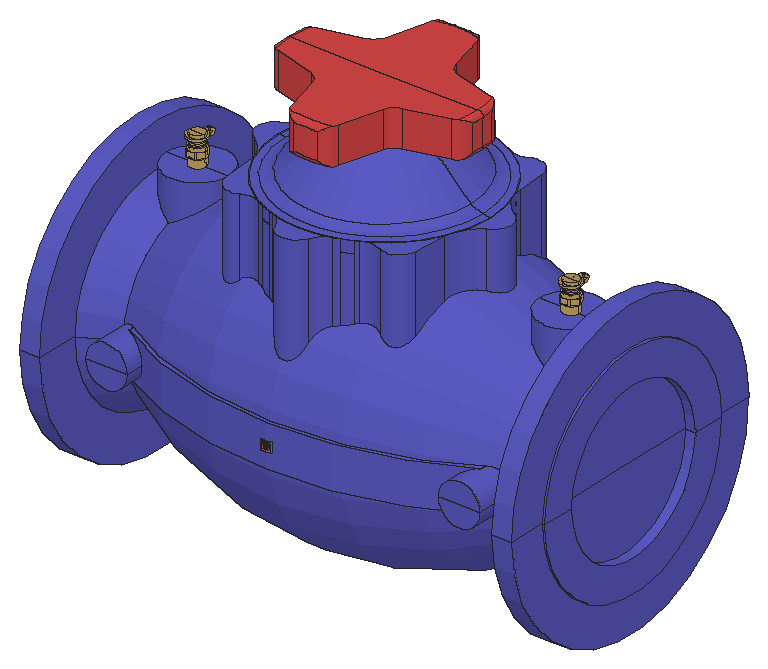
Revit family "HERZ Strömax Балансировочный клапан с измерительными клапанами, шпиндель прямой 4218 GMF", category Rohrzubehör, Revit 2019
Family settings
  Bemaßung runder Anschluss = Durchmesser verwenden
  Teiletyp = Unterbricht
  OmniClass-Nummer = 23.65.55.14
  OmniClass-Titel = Valves for Liquid Services
  Arbeitsebenenbasiert = Nein
  Immer vertikal = Ja
  Beim Laden mit Abzugskörper schneiden = Nein
  Gemeinsam genutzt = Nein
Parameters
  Среда = "Допускается использование этилен- и пропиленгликоля в концентрации смеси 25-50% объема.\r\nКачество теплоносителя в соответствии с ÖNORM H 5195 и VDI 2035."
  Область применения = "Для гидравлической балансировки в системах отопления или охлаждения, регулирования и перекрытия трубопроводов, стояков, теплообменников, регистров отопления и охлаждения."
  Номер заказа [instance] = size_lookup("4218_GMF_", "Artnr", 0, Nennweite)  # 1421851
  Макс. рабочее давление = 1600000.0 Pa  # constant formula
  Макс. рабочая температура (с DN40) = 110 °C  # constant formula
  Макс. рабочая температура (до DN32) = 130 °C  # constant formula
  Корпус = "чугун GJL 250 по EN 1561"  # constant formula
  Исполнение = "STRÖMAX-GMF-Балансировочный клапан с измерительными клапанами DN 25 - 150:\r\nШпиндель прямой, корпус из чугуна GJL 250 по EN 1561, фланцевое исполнение EN 1092, PN 16, синего цвета.\r\nБуксы клапана до DN 100 из латуни, резьбовое соединение, от DN 125 буксы клапана из чугуна, с неподнимающимся шпинделем.\r\nУплотнение шпинделя при помощи двойного кольцевого уплотнения.\r\nПредварительная настройка производится посредством ограничения хода с помощью внутреннего шпинделя, цифровые показания ступени преднастройки считываются в окошке маховика.\r\nДва измерительных клапана монтируются сверху, по обе стороны маховика."
  Измерение перепада давления = "Клапан балансировочный STRÖMAX-GMF укомплектован двумя измерительными клапанами:\r\nпри применении соответствующего измерительного прибора можно измерить перепад давления и по диаграмме определить текущий расход в зависимости от ступени настройки.\r\nНа экране измерительного прибора высвечивается текущее значение расхода (см. руководство по измерительным приборам)."
  kvs-значения [instance] = if(Nennweite = 25.00 mm, 11.53, if(Nennweite = 32.00 mm, 16.6, if(Nennweite = 40.00 mm, 28.6, if(Nennweite = 50.00 mm, 37.84, if(Nennweite = 65.00 mm, 60.3, if(Nennweite = 80.00 mm, 67.8, if(Nennweite = 100.00 mm, 99.55, if(Nennweite = 125.00 mm, 186.58, if(Nennweite = 150.00 mm, 279.05, 0)))))))))  # 279.05
  W02 = 60.00°  # constant formula
  W01 [instance] = if(Nennweite = 25.00 mm, 10.00°, if(Nennweite = 32.00 mm, 10.00°, if(Nennweite = 40.00 mm, 15.00°, if(Nennweite = 50.00 mm, 10.00°, if(Nennweite = 65.00 mm, 25.00°, if(Nennweite = 80.00 mm, 25.00°, 0.80°))))))  # 0.80°
  Букса (до DN100) = "латунь"  # constant formula
  Букса (от DN125) = "чугун"  # constant formula
  URL = "www.herz-armaturen.ru"
  SCRNSEQ = "ARM;ARM_TYP=\"STRV\";2"
  SCRNCODE = "05;07;02"  # constant formula
  S01 [instance] = Nennweite + 10.00 mm  # 160.00 mm
  R02 [instance] = size_lookup("4218_GMF_", "R2", 1.00 mm, Nennweite)  # 30.00 mm
  R01 [instance] = size_lookup("4218_GMF_", "R1", 1.00 mm, Nennweite)  # 20.00 mm
  O-Ring = "EPDM"  # constant formula
  Nennweite [instance] = 150.00 mm
  L03 [instance] = size_lookup("4218_GMF_", "L3", 1.00 mm, Nennweite)  # 180.00 mm
  L02 [instance] = size_lookup("4218_GMF_", "L2", 1.00 mm, Nennweite)  # 170.00 mm
  L01 [instance] = size_lookup("4218_GMF_", "L1", 1.00 mm, Nennweite)  # 185.00 mm
  L00 [instance] = size_lookup("4218_GMF_", "L", 1.00 mm, Nennweite)  # 480.00 mm
  Hersteller = "HERZ Armaturen Ges.m.b.H."  # constant formula
  H08 [instance] = H02 + H04  # 238.50 mm
  H07 = 10.00 mm  # constant formula
  H06 [instance] = size_lookup("4218_GMF_", "H6", 1.00 mm, Nennweite)  # 56.00 mm
  H05 [instance] = size_lookup("4218_GMF_", "H5", 1.00 mm, Nennweite)  # 11.00 mm
  H04 [instance] = size_lookup("4218_GMF_", "H4", 1.00 mm, Nennweite)  # 78.50 mm
  H03 [instance] = size_lookup("4218_GMF_", "H3", 1.00 mm, Nennweite)  # 118.00 mm
  H02N [instance] = H02 + 11.00 mm  # 171.00 mm
  H02 [instance] = size_lookup("4218_GMF_", "H2", 1.00 mm, Nennweite)  # 160.00 mm
  H01 [instance] = size_lookup("4218_GMF_", "H1", 1.00 mm, Nennweite)  # 122.00 mm
  GT = 10.00 mm  # constant formula
  FLL02 [instance] = size_lookup("4218_GMF_", "FLL2", 1.00 mm, Nennweite)  # 19.00 mm
  FLL01 [instance] = size_lookup("4218_GMF_", "FLL1", 1.00 mm, Nennweite)  # 3.00 mm
  FLD03 [instance] = size_lookup("4218_GMF_", "FLD3", 1.00 mm, Nennweite)  # 84.20 mm
  FLD02 [instance] = size_lookup("4218_GMF_", "FLD2", 1.00 mm, Nennweite)  # 101.00 mm
  FLD01 [instance] = size_lookup("4218_GMF_", "FLD1", 1.00 mm, Nennweite)  # 106.00 mm
  FLD00 [instance] = size_lookup("4218_GMF_", "FLD", 1.00 mm, Nennweite)  # 142.50 mm
  DN80 [instance] = Nennweite = 80.00 mm  # no
  DN65 [instance] = Nennweite = 65.00 mm  # no
  DN50-DN80 [instance] = or(Nennweite = 50.00 mm, Nennweite = 65.00 mm, Nennweite = 80.00 mm)  # no
  DN50 [instance] = Nennweite = 50.00 mm  # no
  DN40 [instance] = Nennweite = 40.00 mm  # no
  DN32 [instance] = Nennweite = 32.00 mm  # no
  DN25-DN40 [instance] = or(Nennweite = 25.00 mm, Nennweite = 32.00 mm, Nennweite = 40.00 mm)  # no
  DN25 [instance] = Nennweite = 25.00 mm  # no
  DN150 [instance] = Nennweite = 150.00 mm  # yes
  DN125 [instance] = Nennweite = 125.00 mm  # no
  DN100-DN125 [instance] = or(Nennweite = 100.00 mm, Nennweite = 125.00 mm, Nennweite = 150.00 mm)  # yes
  DN100 [instance] = Nennweite = 100.00 mm  # no
  D04 [instance] = size_lookup("4218_GMF_", "D4", 1.00 mm, Nennweite)  # 15.00 mm
  D03 [instance] = size_lookup("4218_GMF_", "D3", 1.00 mm, Nennweite)  # 16.00 mm
  D02 [instance] = size_lookup("4218_GMF_", "D2", 1.00 mm, Nennweite)  # 17.00 mm
  D01 [instance] = size_lookup("4218_GMF_", "D1", 1.00 mm, Nennweite)  # 102.50 mm
  D00 [instance] = size_lookup("4218_GMF_", "D", 1.00 mm, Nennweite)  # 140.00 mm
  BH02 [instance] = -BH01  # -20.00 mm
  BH01 [instance] = if(Nennweite = 25.00 mm, 12.00 mm, if(Nennweite = 32.00 mm, 12.50 mm, if(Nennweite = 40.00 mm, 12.50 mm, if(Nennweite = 50.00 mm, 12.50 mm, if(Nennweite = 65.00 mm, 15.00 mm, if(Nennweite = 80.00 mm, 16.00 mm, if(Nennweite = 100.00 mm, 17.50 mm, if(Nennweite = 125.00 mm, 17.50 mm, if(Nennweite = 150.00 mm, 20.00 mm, 1.00 mm)))))))))  # 20.00 mm
  Anschluss [instance] = Nennweite / 2  # 75.00 mm
Reference planes
  plane 1 "Mitte (Vorne/hinten)": y = 0
  plane 2: z = 0
  plane 3 "Mitte (Links/rechts)": x = 0
Forms (mm)
  Revolve 1, solid, material "Herz-Marineblau", detail levels fine
    sketch origin (1058.943, 0, 0) x (1, 0, 0) y (0, 1, 0)
      loop
        line (-1295.943, 142.5) -> (-1295.943, 106) -> (-1298.943, 106) -> (-1298.943, 75) -> (-1288.943, 75) -> (-1288.943, 0) -> (-828.943, 0) -> (-828.943, 75) -> (-818.943, 75) -> (-818.943, 106) -> (-821.943, 106) -> (-821.943, 142.5) -> (-840.943, 142.5) -> (-840.943, 101) -> (-873.943, 84.2)
        arc (-873.943, 84.2) -> (-1058.943, 140) -> (-1243.943, 84.2) r 334.576
        line (-1243.943, 84.2) -> (-1276.943, 101) -> (-1276.943, 142.5) -> (-1295.943, 142.5)
      axis (-1298.943, 0) -> (-818.943, 0)
    angle from 0 to 360
  Revolve 2, solid, material "Herz-Marineblau", detail levels fine
    sketch origin (0, 0, 0) x (1, 0, 0) y (0, 1, 0)
      loop
        line (-170, 122) -> (-190, 122) -> (-190, -122) -> (-170, -122) -> (-170, 122)
      axis (-170, 122) -> (-170, -122)
    angle from 0 to 360
  Revolve 3, solid, material "Herz-Marineblau", detail levels fine
    sketch origin (0, 0, 0) x (-1, 0, 0) y (0, 1, 0)
      loop
        line (-170, 122) -> (-190, 122) -> (-190, -122) -> (-170, -122) -> (-170, 122)
      axis (-170, 122) -> (-170, -122)
    angle from 0 to 360
  Revolve 4, solid, material "Herz-Marineblau", detail levels fine
    sketch origin (0, 0, 0) x (1, 0, 0) y (0, 0, 1)
      loop
        line (0, 0) -> (0, 160) -> (-102.5, 160) -> (-102.5, 0) -> (0, 0)
      axis (0, 160) -> (0, 0)
    angle from 0 to 360
  Revolve 5, solid, material "Herz-Marineblau", detail levels fine
    sketch origin (0, 0, 0) x (1, 0, 0) y (0, 0, 1)
      loop
        line (-178.413, 4.322) -> (-148.416, 4.741) -> (-150.003, 118.419) -> (-180, 118) -> (-178.413, 4.322)
      axis (-180, 118) -> (-178.413, 4.322)
    angle from 0 to 360
  Revolve 6, solid, material "Herz-Marineblau", detail levels fine
    sketch origin (0, 0, 0) x (-1, 0, 0) y (0, 0, 1)
      loop
        line (-178.413, 4.322) -> (-148.416, 4.741) -> (-150.003, 118.419) -> (-180, 118) -> (-178.413, 4.322)
      axis (-180, 118) -> (-178.413, 4.322)
    angle from 0 to 360
  Extrusion 7, solid, material "Herz-Marineblau", visible <- "DN25", detail levels fine
    sketch origin (0, 0, 0) x (1, 0, 0) y (0, 1, 0)
      loop
        line (-40, 18.232) -> (-40, -18.232)
        arc (-40, -18.232) -> (0, -31) -> (40, -18.232) r 69.038
        line (40, -18.232) -> (40, 18.232)
        arc (40, 18.232) -> (0, 31) -> (-40, 18.232) r 69.038
    from -20 <- "BH02" to 20 <- "BH01"
  Extrusion 8, solid, material "Herz-Marineblau", visible <- "DN32", detail levels fine
    sketch origin (0, 0, 0) x (1, 0, 0) y (0, 1, 0)
      loop
        line (-50, 21.35) -> (-50, -21.35)
        arc (-50, -21.35) -> (0, -37) -> (50, -21.35) r 87.698
        line (50, -21.35) -> (50, 21.35)
        arc (50, 21.35) -> (0, 37) -> (-50, 21.35) r 87.698
    from -20 <- "BH02" to 20 <- "BH01"
  Extrusion 9, solid, material "Herz-Marineblau", visible <- "DN40", detail levels fine
    sketch origin (0, 0, 0) x (1, 0, 0) y (0, 1, 0)
      loop
        arc (-60, -22.89) -> (0, -39) -> (60, -22.89) r 119.787
        line (60, -22.89) -> (60, 22.89)
        arc (60, 22.89) -> (0, 39) -> (-60, 22.89) r 119.787
        line (-60, 22.89) -> (-60, -22.89)
    from -20 <- "BH02" to 20 <- "BH01"
  Extrusion 10, solid, material "Herz-Marineblau", visible <- "DN50", detail levels fine
    sketch origin (0, 0, 0) x (1, 0, 0) y (0, 1, 0)
      loop
        line (70, -31.244) -> (70, 31.244)
        arc (70, 31.244) -> (0, 44) -> (-70, 31.244) r 198.442
        line (-70, 31.244) -> (-70, -31.244)
        arc (-70, -31.244) -> (0, -44) -> (70, -31.244) r 198.442
    from -20 <- "BH02" to 20 <- "BH01"
  Extrusion 11, solid, material "Herz-Marineblau", visible <- "DN65", detail levels fine
    sketch origin (0, 0, 0) x (1, 0, 0) y (0, 1, 0)
      loop
        line (-89, 42.065) -> (-89, -42.065)
        arc (-89, -42.065) -> (0, -53) -> (89, -42.065) r 367.662
        line (89, -42.065) -> (89, 42.065)
        arc (89, 42.065) -> (0, 53) -> (-89, 42.065) r 367.662
    from -20 <- "BH02" to 20 <- "BH01"
  Extrusion 12, solid, material "Herz-Marineblau", visible <- "DN80", detail levels fine
    sketch origin (0, 0, 0) x (1, 0, 0) y (0, 1, 0)
      loop
        arc (-100, -47.474) -> (0, -56.538) -> (100, -47.474) r 556.156
        line (100, -47.474) -> (100, 47.474)
        arc (100, 47.474) -> (0, 56.538) -> (-100, 47.474) r 556.156
        line (-100, 47.474) -> (-100, -47.474)
    from -20 <- "BH02" to 20 <- "BH01"
  Extrusion 13, solid, material "Herz-Marineblau", visible <- "DN100", detail levels fine
    sketch origin (0, 0, 0) x (1, 0, 0) y (0, 1, 0)
      loop
        line (-118, 61.457) -> (-118, -61.457)
        arc (-118, -61.457) -> (0, -84.506) -> (118, -61.457) r 313.571
        line (118, -61.457) -> (118, 61.457)
        arc (118, 61.457) -> (0, 84.506) -> (-118, 61.457) r 313.571
    from -20 <- "BH02" to 20 <- "BH01"
  Extrusion 14, solid, material "Herz-Marineblau", visible <- "DN125", detail levels fine
    sketch origin (0, 0, 0) x (1, 0, 0) y (0, 1, 0)
      loop
        line (-140, 76.087) -> (-140, -76.087)
        arc (-140, -76.087) -> (0, -121.009) -> (140, -76.087) r 240.621
        line (140, -76.087) -> (140, 76.087)
        arc (140, 76.087) -> (0, 121.009) -> (-140, 76.087) r 240.621
    from -20 <- "BH02" to 20 <- "BH01"
  Extrusion 15, solid, material "Herz-Marineblau", visible <- "DN150", detail levels fine
    sketch origin (0, 0, 0) x (1, 0, 0) y (0, 1, 0)
      loop
        arc (-170, -95.905) -> (0, -141.967) -> (170, -95.905) r 336.739
        line (170, -95.905) -> (170, 95.905)
        arc (170, 95.905) -> (0, 141.967) -> (-170, 95.905) r 336.739
        line (-170, 95.905) -> (-170, -95.905)
    from -20 <- "BH02" to 20 <- "BH01"
  Extrusion 16, solid, material "Herz-Marineblau", visible <- "DN125", detail levels fine
    sketch origin (0, 0, 0) x (1, 0, 0) y (0, 1, 0)
      loop
        arc (15.676, 98.149) -> (0, 109.5) -> (-15.676, 98.149) r 16.5
        arc (-15.676, 98.149) -> (-20.502, 90.282) -> (-28.346, 85.419) r 20
        arc (-28.346, 85.419) -> (-34.369, 83.168) -> (-40.215, 80.492) r 90
        arc (-40.215, 80.492) -> (-49.468, 78.32) -> (-58.678, 80.663) r 20
        arc (-58.678, 80.663) -> (-75.166, 79.318) -> (-82.2, 64.344) r 16.5
        line (-82.2, 64.344) -> (-85.23, 28.819)
        arc (-85.23, 28.819) -> (-90.21, 20.539) -> (-98.49, 15.56) r 20
        arc (-98.49, 15.56) -> (-109.5, 0) -> (-98.49, -15.56) r 16.5
        arc (-98.49, -15.56) -> (-90.21, -20.539) -> (-85.23, -28.819) r 20
        line (-85.23, -28.819) -> (-82.2, -64.344)
        arc (-82.2, -64.344) -> (-75.166, -79.318) -> (-58.678, -80.663) r 16.5
        arc (-58.678, -80.663) -> (-49.468, -78.32) -> (-40.215, -80.492) r 20
        arc (-40.215, -80.492) -> (-34.369, -83.168) -> (-28.346, -85.419) r 90
        arc (-28.346, -85.419) -> (-20.502, -90.282) -> (-15.676, -98.149) r 20
        arc (-15.676, -98.149) -> (0, -109.5) -> (15.676, -98.149) r 16.5
        arc (15.676, -98.149) -> (20.502, -90.282) -> (28.346, -85.419) r 20
        arc (28.346, -85.419) -> (34.369, -83.168) -> (40.215, -80.492) r 90
        arc (40.215, -80.492) -> (49.468, -78.32) -> (58.678, -80.663) r 20
        arc (58.678, -80.663) -> (75.166, -79.318) -> (82.2, -64.344) r 16.5
        line (82.2, -64.344) -> (85.23, -28.819)
        arc (85.23, -28.819) -> (90.21, -20.539) -> (98.49, -15.56) r 20
        arc (98.49, -15.56) -> (109.5, 0) -> (98.49, 15.56) r 16.5
        arc (98.49, 15.56) -> (90.21, 20.539) -> (85.23, 28.819) r 20
        line (85.23, 28.819) -> (82.2, 64.344)
        arc (82.2, 64.344) -> (75.166, 79.318) -> (58.678, 80.663) r 16.5
        arc (58.678, 80.663) -> (49.468, 78.32) -> (40.215, 80.492) r 20
        arc (40.215, 80.492) -> (34.369, 83.168) -> (28.346, 85.419) r 90
        arc (28.346, 85.419) -> (20.502, 90.282) -> (15.676, 98.149) r 20
    from 0 to 171 <- "H02N"
  Extrusion 17, solid, material "Herz-Marineblau", visible <- "DN150", detail levels fine
    sketch origin (0, 0, 0) x (1, 0, 0) y (0, 1, 0)
      loop
        arc (16.1, 110.958) -> (0, 122.5) -> (-16.1, 110.958) r 17
        arc (-16.1, 110.958) -> (-21.16, 102.981) -> (-29.318, 98.218) r 19.995
        arc (-29.318, 98.218) -> (-39.225, 94.698) -> (-48.72, 90.181) r 102.5
        arc (-48.72, 90.181) -> (-57.856, 87.781) -> (-67.075, 89.844) r 19.995
        arc (-67.075, 89.844) -> (-82.996, 89.381) -> (-91.547, 75.943) r 17
        line (-91.547, 75.943) -> (-94.4, 39.936)
        arc (-94.4, 39.936) -> (-101.42, 25.402) -> (-113.679, 14.903) r 39.4
        arc (-113.679, 14.903) -> (-122.5, 0) -> (-113.679, -14.903) r 17
        arc (-113.679, -14.903) -> (-101.42, -25.402) -> (-94.4, -39.936) r 39.4
        line (-94.4, -39.936) -> (-91.547, -75.943)
        arc (-91.547, -75.943) -> (-82.996, -89.381) -> (-67.075, -89.844) r 17
        arc (-67.075, -89.844) -> (-57.856, -87.781) -> (-48.72, -90.181) r 19.995
        arc (-48.72, -90.181) -> (-39.225, -94.698) -> (-29.318, -98.218) r 102.5
        arc (-29.318, -98.218) -> (-21.16, -102.981) -> (-16.1, -110.958) r 19.995
        arc (-16.1, -110.958) -> (0, -122.5) -> (16.1, -110.958) r 17
        arc (16.1, -110.958) -> (21.16, -102.981) -> (29.318, -98.218) r 19.995
        arc (29.318, -98.218) -> (39.225, -94.698) -> (48.72, -90.181) r 102.5
        arc (48.72, -90.181) -> (57.856, -87.781) -> (67.075, -89.844) r 19.995
        arc (67.075, -89.844) -> (82.996, -89.381) -> (91.547, -75.943) r 17
        line (91.547, -75.943) -> (93.96, -45.484)
        arc (93.96, -45.484) -> (99.132, -28.867) -> (110.958, -16.1) r 39.4
        arc (110.958, -16.1) -> (122.5, 0) -> (110.958, 16.1) r 17
        arc (110.958, 16.1) -> (99.132, 28.867) -> (93.96, 45.484) r 39.4
        line (93.96, 45.484) -> (91.547, 75.943)
        arc (91.547, 75.943) -> (82.996, 89.381) -> (67.075, 89.844) r 17
        arc (67.075, 89.844) -> (57.856, 87.781) -> (48.72, 90.181) r 19.995
        arc (48.72, 90.181) -> (39.225, 94.698) -> (29.318, 98.218) r 102.5
        arc (29.318, 98.218) -> (21.16, 102.981) -> (16.1, 110.958) r 19.995
    from 0 to 171 <- "H02N"
  Revolve 18, solid, material "Herz-Marineblau", detail levels fine
    sketch origin (0, 0, 0) x (1, 0, 0) y (0, 0, 1)
      loop
        line (0, 160) -> (0, 238.5) -> (-15, 238.5) -> (-15, 228.5) -> (-16, 228.5) -> (-16, 227) -> (-17, 227) -> (-17, 171) -> (-102.5, 171) -> (-102.5, 160) -> (0, 160)
      axis (0, 238.5) -> (0, 160)
    angle from 0 to 360
  Revolve 19, solid, material "Herz-Marineblau", visible <- "DN125", detail levels fine
    sketch origin (0, 0, 143) x (1, 0, 0) y (0, 0, 1)
      loop
        line (0, 0) -> (0, 62) -> (-15, 62) -> (-15, 52) -> (-21.8, 52)
        arc (-21.8, 52) -> (-23.44, 48.297) -> (-27.284, 47.023) r 5
        arc (-27.284, 47.023) -> (-30.294, 46.63) -> (-32.827, 44.959) r 6.752
        arc (-32.827, 44.959) -> (-52.854, 27.042) -> (-71.197, 7.406) r 300
        arc (-71.197, 7.406) -> (-77.249, 2.612) -> (-84.666, 0.467) r 20
        line (-84.666, 0.467) -> (-90, 0) -> (0, 0)
      axis (0, 62) -> (0, 0)
    angle from 0 to 360
  Revolve 20, solid, material "Herz-Marineblau", visible <- "DN150", detail levels fine
    sketch origin (0, 0, 171) x (1, 0, 0) y (0, 0, 1)
      loop
        line (0, 67.5) -> (-15, 67.5) -> (-15, 57.5) -> (-21.8, 57.5)
        arc (-21.8, 57.5) -> (-23.44, 53.797) -> (-27.284, 52.523) r 5
        arc (-27.284, 52.523) -> (-29.026, 52.21) -> (-30.549, 51.31) r 5
        arc (-30.549, 51.31) -> (-58.499, 29.932) -> (-83.754, 5.428) r 300
        arc (-83.754, 5.428) -> (-89.037, 2.148) -> (-95.072, 0.65) r 20
        line (-95.072, 0.65) -> (-102.5, 0) -> (0, 0) -> (0, 67.5)
      axis (0, 67.5) -> (0, 0)
    angle from 0 to 360
Lines and regions (mm)
  model lines, detail levels coarse+medium
    curve 1: line (-240, 0, 142.5) -> (-240, 0, -142.5)
    curve 2: line (-240, 0, -142.5) -> (240, 0, 142.5)
    curve 3: line (240, 0, 142.5) -> (240, 0, -142.5)
    curve 4: line (240, 0, -142.5) -> (-240, 0, 142.5)
    curve 5: line (0, 0, 0) -> (137.698, 0, 238.5)
    curve 6: line (68.416, 0, 278.5) -> (206.98, 0, 198.5)
    curve 7: line (-240, 142.5, 0) -> (-240, -142.5, 0)
    curve 8: line (-240, -142.5, 0) -> (240, 142.5, 0)
    curve 9: line (240, 142.5, 0) -> (240, -142.5, 0)
    curve 10: line (240, -142.5, 0) -> (-240, 142.5, 0)
    curve 11: line (0, 0, 0) -> (137.698, 238.5, 0)
    curve 12: line (68.416, 278.5, 0) -> (206.98, 198.5, 0)
Dimensions and locks
  "FLD00": plane 1 "Mitte (Vorne/hinten)" to Revolve 1 sketch curve
  "FLD01": plane 1 "Mitte (Vorne/hinten)" to Revolve 1 sketch curve
  "FLD02": plane 1 "Mitte (Vorne/hinten)" to Revolve 1 sketch curve  (x2)
  "FLD03": plane 1 "Mitte (Vorne/hinten)" to Revolve 1 sketch curve  (x2)
  "GT": Revolve 1 sketch curve to Revolve 1 sketch curve  (x2)
  "FLL01": Revolve 1 sketch curve to Revolve 1 sketch curve  (x2)
  "FLL02": Revolve 1 sketch curve to Revolve 1 sketch curve  (x2)
  equal spacing: Revolve 1 sketch curve, plane 3 "Mitte (Links/rechts)", Revolve 1 sketch curve
  "Anschluss": Revolve 1 sketch curve to plane 1 "Mitte (Vorne/hinten)"
  "Anschluss": plane 1 "Mitte (Vorne/hinten)" to Revolve 1 sketch curve
  "FLD01": Revolve 1 sketch curve to plane 1 "Mitte (Vorne/hinten)"
  "FLD00": Revolve 1 sketch curve to plane 1 "Mitte (Vorne/hinten)"
  "L00": Revolve 1 sketch curve to Revolve 1 sketch curve
  "D00": plane 1 "Mitte (Vorne/hinten)" to Revolve 1 sketch curve
  "L01": Revolve 1 sketch curve to plane 3 "Mitte (Links/rechts)" to Revolve 1 sketch curve
  "L02": Revolve 2 sketch curve to plane 3 "Mitte (Links/rechts)"
  "R01": Revolve 2 sketch curve to Revolve 2 sketch curve
  "H01": Revolve 2 sketch curve to plane 1 "Mitte (Vorne/hinten)" to Revolve 2 sketch curve
  "L02": plane 3 "Mitte (Links/rechts)" to Revolve 3 sketch curve
  "R01": Revolve 3 sketch curve to Revolve 3 sketch curve
  "H01": Revolve 3 sketch curve to plane 1 "Mitte (Vorne/hinten)" to Revolve 3 sketch curve
  "D01": plane 3 "Mitte (Links/rechts)" to Revolve 4 sketch curve
  "H02": Revolve 4 sketch curve to plane 2
  "H03": Revolve 5 sketch curve to plane 2  (x2)
  "R02": Revolve 5 sketch curve to Revolve 5 sketch curve
  "L03": plane 3 "Mitte (Links/rechts)" to Revolve 5 sketch curve  (x2)
  "R02": Revolve 6 sketch curve to Revolve 6 sketch curve
  "L03": Revolve 6 sketch curve to plane 3 "Mitte (Links/rechts)"  (x2)
  "H03": Revolve 6 sketch curve to plane 2  (x2)
  "D01": plane 3 "Mitte (Links/rechts)" to Revolve 18 sketch curve
  "D02": plane 3 "Mitte (Links/rechts)" to Revolve 18 sketch curve
  "D03": plane 3 "Mitte (Links/rechts)" to Revolve 18 sketch curve
  "D04": plane 3 "Mitte (Links/rechts)" to Revolve 18 sketch curve
  "H02": Revolve 18 sketch curve to plane 2
  "H04": Revolve 18 sketch curve to Revolve 18 sketch curve
  "H05": Revolve 18 sketch curve to Revolve 18 sketch curve
  "H06": Revolve 18 sketch curve to Revolve 18 sketch curve
  "H07": Revolve 18 sketch curve to Revolve 18 sketch curve
  "H08": nested 28 to plane 2
  "H08": nested 29 to plane 2
  "H08": nested 30 to plane 2
  "FLD00": curve 4 to plane 2 to curve 2
  "FLD00": curve 3 to plane 2 to curve 4
  equal spacing: curve 1, plane 3 "Mitte (Links/rechts)", curve 3
  "L00": curve 1 to curve 3
  equal spacing: curve 1, curve 5, curve 3
  "H08": curve 5 to plane 2
  equal spacing: curve 6, curve 5, curve 6
  "S01": curve 6 to curve 6
  "FLD00": curve 8 to plane 1 "Mitte (Vorne/hinten)" to curve 10
  "FLD00": curve 10 to plane 1 "Mitte (Vorne/hinten)" to curve 9
  equal spacing: curve 7, plane 3 "Mitte (Links/rechts)", curve 9
  "L00": curve 7 to curve 9
  equal spacing: curve 7, curve 11, curve 9
  "H08": plane 1 "Mitte (Vorne/hinten)" to curve 11
  equal spacing: curve 12, curve 11, curve 12
  "S01": curve 12 to curve 12
  "W01": angle plane 3 "Mitte (Links/rechts)" to Revolve 5 sketch curve  (x2)
  "W01": angle Revolve 6 sketch curve to plane 3 "Mitte (Links/rechts)"  (x2)
  "W02": angle plane 2 to curve 5
  "W02": angle plane 1 "Mitte (Vorne/hinten)" to curve 11
  aligned and locked: level to plane 2
Automatic sketch dimensions
  Extrusion 7 sketch curve to plane 3 "Mitte (Links/rechts)" = 0.00 mm  (x2)
  Extrusion 7 sketch curve to plane 1 "Mitte (Vorne/hinten)" = 18.232 mm  (x2)
  Extrusion 7 sketch curve to plane 3 "Mitte (Links/rechts)" = 40.00 mm
  plane 1 "Mitte (Vorne/hinten)" to Extrusion 7 sketch curve = 18.232 mm
  plane 1 "Mitte (Vorne/hinten)" to Extrusion 7 sketch curve = 38.038 mm
  Extrusion 7 sketch curve to plane 1 "Mitte (Vorne/hinten)" = 38.038 mm
  Extrusion 8 sketch curve to plane 3 "Mitte (Links/rechts)" = 0.00 mm  (x2)
  plane 1 "Mitte (Vorne/hinten)" to Extrusion 8 sketch curve = 21.35 mm  (x2)
  Extrusion 8 sketch curve to plane 3 "Mitte (Links/rechts)" = 50.00 mm
  plane 1 "Mitte (Vorne/hinten)" to Extrusion 8 sketch curve = 50.698 mm
  Extrusion 8 sketch curve to plane 1 "Mitte (Vorne/hinten)" = 21.35 mm
  Extrusion 8 sketch curve to plane 1 "Mitte (Vorne/hinten)" = 50.698 mm
  Extrusion 9 sketch curve to plane 3 "Mitte (Links/rechts)" = 0.00 mm  (x2)
  Extrusion 9 sketch curve to plane 1 "Mitte (Vorne/hinten)" = 22.89 mm  (x2)
  Extrusion 9 sketch curve to plane 3 "Mitte (Links/rechts)" = 60.00 mm
  plane 1 "Mitte (Vorne/hinten)" to Extrusion 9 sketch curve = 22.89 mm
  plane 1 "Mitte (Vorne/hinten)" to Extrusion 9 sketch curve = 80.787 mm
  Extrusion 9 sketch curve to plane 1 "Mitte (Vorne/hinten)" = 80.787 mm
  Extrusion 10 sketch curve to plane 3 "Mitte (Links/rechts)" = 0.00 mm  (x2)
  plane 1 "Mitte (Vorne/hinten)" to Extrusion 10 sketch curve = 31.244 mm  (x2)
  Extrusion 10 sketch curve to plane 3 "Mitte (Links/rechts)" = 70.00 mm
  Extrusion 10 sketch curve to Extrusion 10 sketch curve = 123.198 mm  (x2)
  Extrusion 10 sketch curve to plane 1 "Mitte (Vorne/hinten)" = 31.244 mm
  Extrusion 11 sketch curve to plane 3 "Mitte (Links/rechts)" = 0.00 mm  (x2)
  plane 1 "Mitte (Vorne/hinten)" to Extrusion 11 sketch curve = 42.065 mm  (x2)
  Extrusion 11 sketch curve to plane 3 "Mitte (Links/rechts)" = 89.00 mm
  Extrusion 11 sketch curve to Extrusion 11 sketch curve = 272.597 mm  (x2)
  Extrusion 11 sketch curve to plane 1 "Mitte (Vorne/hinten)" = 42.065 mm
  Extrusion 12 sketch curve to plane 3 "Mitte (Links/rechts)" = 0.00 mm  (x2)
  Extrusion 12 sketch curve to plane 1 "Mitte (Vorne/hinten)" = 47.474 mm
  Extrusion 12 sketch curve to plane 3 "Mitte (Links/rechts)" = 100.00 mm
  plane 1 "Mitte (Vorne/hinten)" to Extrusion 12 sketch curve = 47.474 mm
  plane 3 "Mitte (Links/rechts)" to Extrusion 12 sketch curve = 100.00 mm
  Extrusion 12 sketch curve to Extrusion 12 sketch curve = 452.143 mm  (x2)
  Extrusion 13 sketch curve to plane 3 "Mitte (Links/rechts)" = 0.00 mm  (x2)
  plane 1 "Mitte (Vorne/hinten)" to Extrusion 13 sketch curve = 61.457 mm  (x2)
  Extrusion 13 sketch curve to plane 3 "Mitte (Links/rechts)" = 118.00 mm
  Extrusion 13 sketch curve to Extrusion 13 sketch curve = 167.608 mm  (x2)
  Extrusion 13 sketch curve to plane 1 "Mitte (Vorne/hinten)" = 61.457 mm
  Extrusion 14 sketch curve to plane 3 "Mitte (Links/rechts)" = 0.00 mm  (x2)
  plane 1 "Mitte (Vorne/hinten)" to Extrusion 14 sketch curve = 76.087 mm  (x2)
  Extrusion 14 sketch curve to plane 3 "Mitte (Links/rechts)" = 140.00 mm
  plane 1 "Mitte (Vorne/hinten)" to Extrusion 14 sketch curve = 119.612 mm
  Extrusion 14 sketch curve to plane 1 "Mitte (Vorne/hinten)" = 76.087 mm
  Extrusion 14 sketch curve to plane 1 "Mitte (Vorne/hinten)" = 119.612 mm
  Extrusion 15 sketch curve to plane 3 "Mitte (Links/rechts)" = 0.00 mm  (x2)
  Extrusion 15 sketch curve to plane 1 "Mitte (Vorne/hinten)" = 95.905 mm  (x2)
  Extrusion 15 sketch curve to plane 3 "Mitte (Links/rechts)" = 170.00 mm
  plane 1 "Mitte (Vorne/hinten)" to Extrusion 15 sketch curve = 95.905 mm
  plane 1 "Mitte (Vorne/hinten)" to Extrusion 15 sketch curve = 194.771 mm
  Extrusion 15 sketch curve to plane 1 "Mitte (Vorne/hinten)" = 194.771 mm
  plane 1 "Mitte (Vorne/hinten)" to Extrusion 16 sketch curve = 0.00 mm  (x2)
  Extrusion 16 sketch curve to plane 3 "Mitte (Links/rechts)" = 0.00 mm  (x2)
  plane 1 "Mitte (Vorne/hinten)" to Extrusion 16 sketch curve = 0.047 mm  (x2)
  Extrusion 16 sketch curve to plane 3 "Mitte (Links/rechts)" = 0.141 mm
  Extrusion 16 sketch curve to plane 1 "Mitte (Vorne/hinten)" = 0.047 mm  (x2)
  Extrusion 16 sketch curve to Extrusion 16 sketch curve = 0.00 mm  (x10)
  Extrusion 16 sketch curve to plane 3 "Mitte (Links/rechts)" = 34.677 mm  (x2)
  Extrusion 16 sketch curve to Extrusion 16 sketch curve = 14.605 mm  (x4)
  Extrusion 16 sketch curve to Extrusion 16 sketch curve = 16.479 mm  (x4)
  Extrusion 16 sketch curve to Extrusion 16 sketch curve = 16.439 mm  (x4)
  Extrusion 16 sketch curve to Extrusion 16 sketch curve = 3.03 mm  (x4)
  plane 1 "Mitte (Vorne/hinten)" to Extrusion 16 sketch curve = 28.819 mm  (x2)
  Extrusion 16 sketch curve to Extrusion 16 sketch curve = 7.77 mm  (x2)
  Extrusion 16 sketch curve to Extrusion 16 sketch curve = 19.122 mm  (x4)
  plane 3 "Mitte (Links/rechts)" to Extrusion 16 sketch curve = 0.141 mm
  plane 3 "Mitte (Links/rechts)" to Extrusion 16 sketch curve = 34.677 mm  (x2)
  Extrusion 16 sketch curve to Extrusion 16 sketch curve = 5.862 mm  (x4)
  Extrusion 16 sketch curve to Extrusion 16 sketch curve = 35.525 mm  (x4)
  Extrusion 16 sketch curve to Extrusion 16 sketch curve = 1.417 mm  (x4)
  Extrusion 16 sketch curve to Extrusion 16 sketch curve = 27.239 mm  (x2)
  Extrusion 16 sketch curve to Extrusion 16 sketch curve = 32.558 mm  (x4)
  Extrusion 16 sketch curve to Extrusion 16 sketch curve = 6.072 mm  (x4)
  Extrusion 16 sketch curve to plane 1 "Mitte (Vorne/hinten)" = 28.819 mm  (x2)
  Extrusion 16 sketch curve to plane 3 "Mitte (Links/rechts)" = 15.676 mm  (x2)
  Extrusion 16 sketch curve to Extrusion 16 sketch curve = 11.869 mm  (x4)
  Extrusion 16 sketch curve to plane 1 "Mitte (Vorne/hinten)" = 15.56 mm
  plane 1 "Mitte (Vorne/hinten)" to Extrusion 16 sketch curve = 15.56 mm
  Extrusion 17 sketch curve to Extrusion 17 sketch curve = 0.00 mm  (x25)
  plane 1 "Mitte (Vorne/hinten)" to Extrusion 17 sketch curve = 0.00 mm  (x3)
  Extrusion 17 sketch curve to plane 3 "Mitte (Links/rechts)" = 0.00 mm  (x3)
  Extrusion 17 sketch curve to plane 3 "Mitte (Links/rechts)" = 35.037 mm  (x2)
  Extrusion 17 sketch curve to Extrusion 17 sketch curve = 23.187 mm  (x4)
  Extrusion 17 sketch curve to Extrusion 17 sketch curve = 16.376 mm  (x4)
  Extrusion 17 sketch curve to Extrusion 17 sketch curve = 16.947 mm  (x4)
  Extrusion 17 sketch curve to plane 1 "Mitte (Vorne/hinten)" = 39.936 mm
  Extrusion 17 sketch curve to Extrusion 17 sketch curve = 2.853 mm  (x2)
  plane 1 "Mitte (Vorne/hinten)" to Extrusion 17 sketch curve = 39.936 mm
  Extrusion 17 sketch curve to Extrusion 17 sketch curve = 11.10 mm
  Extrusion 17 sketch curve to Extrusion 17 sketch curve = 38.236 mm  (x2)
  plane 3 "Mitte (Links/rechts)" to Extrusion 17 sketch curve = 35.037 mm  (x2)
  plane 1 "Mitte (Vorne/hinten)" to Extrusion 17 sketch curve = 45.484 mm
  Extrusion 17 sketch curve to Extrusion 17 sketch curve = 2.414 mm  (x2)
  Extrusion 17 sketch curve to plane 1 "Mitte (Vorne/hinten)" = 45.484 mm
  Extrusion 17 sketch curve to Extrusion 17 sketch curve = 11.54 mm
  Extrusion 17 sketch curve to Extrusion 17 sketch curve = 39.277 mm  (x2)
  Extrusion 17 sketch curve to Extrusion 17 sketch curve = 3.113 mm  (x2)
  Extrusion 17 sketch curve to Extrusion 17 sketch curve = 9.507 mm  (x2)
  Extrusion 17 sketch curve to Extrusion 17 sketch curve = 29.116 mm  (x2)
  Extrusion 17 sketch curve to Extrusion 17 sketch curve = 34.664 mm  (x2)
  Extrusion 17 sketch curve to Extrusion 17 sketch curve = 1.343 mm  (x4)
  Extrusion 17 sketch curve to Extrusion 17 sketch curve = 30.90 mm  (x2)
  Extrusion 17 sketch curve to Extrusion 17 sketch curve = 33.174 mm  (x4)
  Extrusion 17 sketch curve to Extrusion 17 sketch curve = 9.604 mm  (x4)
  Extrusion 17 sketch curve to plane 3 "Mitte (Links/rechts)" = 16.10 mm  (x2)
  plane 1 "Mitte (Vorne/hinten)" to Extrusion 17 sketch curve = 16.10 mm
  Revolve 19 sketch curve to plane 3 "Mitte (Links/rechts)" = 0.00 mm  (x2)
  Revolve 19 sketch curve to Revolve 19 sketch curve = 15.00 mm
  Revolve 19 sketch curve to Revolve 19 sketch curve = 6.80 mm
  Revolve 19 sketch curve to Revolve 19 sketch curve = 5.00 mm
  Revolve 19 sketch curve to Revolve 19 sketch curve = 1.137 mm
  Revolve 19 sketch curve to Revolve 19 sketch curve = 56.729 mm
  Revolve 19 sketch curve to Revolve 19 sketch curve = 1.743 mm
  Revolve 19 sketch curve to Revolve 19 sketch curve = 5.334 mm
  Revolve 19 sketch curve to level = 44.36 mm
  plane 3 "Mitte (Links/rechts)" to Revolve 19 sketch curve = 156.983 mm
  level to Revolve 19 sketch curve = 143.00 mm
  Revolve 19 sketch curve to Revolve 19 sketch curve = 0.467 mm
  Revolve 19 sketch curve to Revolve 19 sketch curve = 19.924 mm
  Revolve 19 sketch curve to Revolve 19 sketch curve = 40.303 mm
  Revolve 19 sketch curve to Revolve 19 sketch curve = 11.697 mm
  Revolve 19 sketch curve to Revolve 19 sketch curve = 10.00 mm
  Revolve 19 sketch curve to Revolve 19 sketch curve = 0.00 mm
  Revolve 19 sketch curve to Revolve 19 sketch curve = 5.544 mm
  Revolve 19 sketch curve to level = 223.045 mm
  Revolve 19 sketch curve to Revolve 19 sketch curve = 2152.315 mm
  level to Revolve 20 sketch curve = 171.00 mm
  Revolve 20 sketch curve to plane 3 "Mitte (Links/rechts)" = 0.00 mm  (x2)
  Revolve 20 sketch curve to plane 3 "Mitte (Links/rechts)" = 15.00 mm
  Revolve 20 sketch curve to Revolve 20 sketch curve = 6.80 mm
  Revolve 20 sketch curve to Revolve 20 sketch curve = 5.00 mm
  Revolve 20 sketch curve to Revolve 20 sketch curve = 0.484 mm
  level to Revolve 20 sketch curve = 171.65 mm
  Revolve 20 sketch curve to Revolve 20 sketch curve = 67.788 mm
  Revolve 20 sketch curve to Revolve 20 sketch curve = 1.743 mm
  Revolve 20 sketch curve to Revolve 20 sketch curve = 7.428 mm
  plane 3 "Mitte (Links/rechts)" to Revolve 20 sketch curve = 137.422 mm
  Revolve 20 sketch curve to level = 26.257 mm
  Revolve 20 sketch curve to Revolve 20 sketch curve = 19.924 mm
  level to Revolve 20 sketch curve = 218.523 mm
  Revolve 20 sketch curve to Revolve 20 sketch curve = 9.977 mm
  Revolve 20 sketch curve to Revolve 20 sketch curve = 10.00 mm
  Revolve 20 sketch curve to Revolve 20 sketch curve = 3.265 mm
  Revolve 20 sketch curve to Revolve 20 sketch curve = 168.787 mm
  Revolve 20 sketch curve to Revolve 20 sketch curve = 2146.815 mm
  plane 1 "Mitte (Vorne/hinten)" to Revolve 1 sketch curve = 0.00 mm  (x2)
  Revolve 1 sketch curve to Revolve 1 sketch curve = 35.00 mm
  Revolve 1 sketch curve to Revolve 1 sketch curve = 40.00 mm
  Revolve 2 sketch curve to Revolve 2 sketch curve = 0.00 mm  (x3)
  Revolve 3 sketch curve to Revolve 3 sketch curve = 0.00 mm  (x3)
  Revolve 4 sketch curve to level = 0.00 mm
  Revolve 4 sketch curve to plane 3 "Mitte (Links/rechts)" = 0.00 mm  (x2)
  Revolve 4 sketch curve to Revolve 4 sketch curve = 366.045 mm
  Revolve 4 sketch curve to Revolve 4 sketch curve = 2169.315 mm
  level to Revolve 5 sketch curve = 4.322 mm
  Revolve 6 sketch curve to level = 4.322 mm
  Revolve 18 sketch curve to plane 3 "Mitte (Links/rechts)" = 0.00 mm  (x2)
  Revolve 18 sketch curve to level = 366.045 mm
  Revolve 18 sketch curve to Revolve 18 sketch curve = 2130.015 mm
Nested families
  nested 1: "Herz-Logo-vorne" at (0, -31, 0) x (0, 1, 0) z (0, 0, 1), visible <- "DN25", type "Herz-Logo-vorne", detail levels fine
  nested 2: "Herz-Logo-vorne" at (0, -36.982, 0) x (0, 1, 0) z (0, 0, 1), visible <- "DN32", type "Herz-Logo-vorne", detail levels fine
  nested 3: "Herz-Logo-vorne" at (0, -39, 0) x (0, 1, 0) z (0, 0, 1), visible <- "DN40", type "Herz-Logo-vorne", detail levels fine
  nested 4: "Herz-Logo-vorne" at (0, -44, 0) x (0, 1, 0) z (0, 0, 1), visible <- "DN50", type "Herz-Logo-vorne", detail levels fine
  nested 5: "Herz-Logo-vorne" at (0, -52.982, 0) x (0, 1, 0) z (0, 0, 1), visible <- "DN65", type "Herz-Logo-vorne", detail levels fine
  nested 6: "Herz-Logo-vorne" at (0, -56.521, 0) x (0, 1, 0) z (0, 0, 1), visible <- "DN80", type "Herz-Logo-vorne", detail levels fine
  nested 7: "Herz-Logo-vorne" at (0, -84.489, 0) x (0, 1, 0) z (0, 0, 1), visible <- "DN100", type "Herz-Logo-vorne", detail levels fine
  nested 8: "Herz-Logo-vorne" at (0, -120.991, 0) x (0, 1, 0) z (0, 0, 1), visible <- "DN125", type "Herz-Logo-vorne", detail levels fine
  nested 9: "Herz-Logo-vorne" at (0, -141.95, 0) x (0, 1, 0) z (0, 0, 1), visible <- "DN150", type "Herz-Logo-vorne", detail levels fine
  nested 10: "Messstutzen_Band_Austritt_senkrecht_(oben 10)" at (40.437, 0, 23.137), visible <- "DN25", type "Messstutzen_Band_Austritt_senkrecht_(oben 10)"
    with Schutzkappe yes, Nennweite 0.00 mm, Gewicht 0.00 kg, Bestellnummer 0
  nested 11: "Messstutzen_Band_Austritt_senkrecht_(oben 10)" at (46.437, 0, 23.137), visible <- "DN32", type "Messstutzen_Band_Austritt_senkrecht_(oben 10)"
    with Schutzkappe yes, Nennweite 0.00 mm, Gewicht 0.00 kg, Bestellnummer 0
  nested 12: "Messstutzen_Band_Austritt_senkrecht_(oben 15)" at (49.671, 0, 29.307), visible <- "DN40", type "Messstutzen_Band_Austritt_senkrecht_(oben 15)"
    with Schutzkappe yes, Nennweite 0.00 mm, Gewicht 0.00 kg, Bestellnummer 0
  nested 13: "Messstutzen_Band_Austritt_senkrecht_(oben 10)" at (63.437, 0, 39.137), visible <- "DN50", type "Messstutzen_Band_Austritt_senkrecht_(oben 10)"
    with Schutzkappe yes, Nennweite 0.00 mm, Gewicht 0.00 kg, Bestellnummer 0
  nested 14: "Messstutzen_Band_Austritt_senkrecht_(oben 25)" at (73.196, 0, 51.843), visible <- "DN65", type "Messstutzen_Band_Austritt_senkrecht_(oben 25)"
    with Schutzkappe yes, Nennweite 0.00 mm, Gewicht 0.00 kg, Bestellnummer 0
  nested 15: "Messstutzen_Band_Austritt_senkrecht_(oben 25)" at (81.196, 0, 56.843), visible <- "DN80", type "Messstutzen_Band_Austritt_senkrecht_(oben 25)"
    with Schutzkappe yes, Nennweite 0.00 mm, Gewicht 0.00 kg, Bestellnummer 0
  nested 16: "Messstutzen_Band_Austritt_senkrecht_(oben 0.8)" at (124.874, 0, 67.001), visible <- "DN100", type "Messstutzen_Band_Austritt_senkrecht_(oben 0.8)"
    with Schutzkappe yes, Nennweite 0.00 mm, Gewicht 0.00 kg, Bestellnummer 0
  nested 17: "Messstutzen_Band_Austritt_senkrecht_(oben 0.8)" at (153.874, 0, 91.001), visible <- "DN125", type "Messstutzen_Band_Austritt_senkrecht_(oben 0.8)"
    with Schutzkappe yes, Nennweite 0.00 mm, Gewicht 0.00 kg, Bestellnummer 0
  nested 18: "Messstutzen_Band_Austritt_senkrecht_(oben 0.8)" at (179.874, 0, 109.001), visible <- "DN150", type "Messstutzen_Band_Austritt_senkrecht_(oben 0.8)"
    with Schutzkappe yes, Nennweite 0.00 mm, Gewicht 0.00 kg, Bestellnummer 0
  nested 19: "Messstutzen_Band_Eintritt_senkrecht_(oben 10)" at (-40.437, 0, 23.137), visible <- "DN25", type "Messstutzen_Band_Eintritt_senkrecht_(oben 10)"
    with Schutzkappe yes, Nennweite 0.00 mm, Gewicht 0.00 kg, Bestellnummer 0
  nested 20: "Messstutzen_Band_Eintritt_senkrecht_(oben 10)" at (-46.437, 0, 23.137), visible <- "DN32", type "Messstutzen_Band_Eintritt_senkrecht_(oben 10)"
    with Schutzkappe yes, Nennweite 0.00 mm, Gewicht 0.00 kg, Bestellnummer 0
  nested 21: "Messstutzen_Band_Eintritt_senkrecht_(oben 15)" at (-49.671, 0, 29.307), visible <- "DN40", type "Messstutzen_Band_Eintritt_senkrecht_(oben 15)"
    with Schutzkappe yes, Nennweite 0.00 mm, Gewicht 0.00 kg, Bestellnummer 0
  nested 22: "Messstutzen_Band_Eintritt_senkrecht_(oben 10)" at (-63.437, 0, 39.137), visible <- "DN50", type "Messstutzen_Band_Eintritt_senkrecht_(oben 10)"
    with Schutzkappe yes, Nennweite 0.00 mm, Gewicht 0.00 kg, Bestellnummer 0
  nested 23: "Messstutzen_Band_Eintritt_senkrecht_(oben 25)" at (-73.196, 0, 51.843), visible <- "DN65", type "Messstutzen_Band_Eintritt_senkrecht_(oben 25)"
    with Schutzkappe yes, Nennweite 0.00 mm, Gewicht 0.00 kg, Bestellnummer 0
  nested 24: "Messstutzen_Band_Eintritt_senkrecht_(oben 25)" at (-81.196, 0, 56.843), visible <- "DN80", type "Messstutzen_Band_Eintritt_senkrecht_(oben 25)"
    with Schutzkappe yes, Nennweite 0.00 mm, Gewicht 0.00 kg, Bestellnummer 0
  nested 25: "Messstutzen_Band_Eintritt_senkrecht_(oben 0.8)" at (-124.874, 0, 67.001), visible <- "DN100", type "Messstutzen_Band_Eintritt_senkrecht_(oben 0.8)"
    with Schutzkappe yes, Nennweite 0.00 mm, Gewicht 0.00 kg, Bestellnummer 0
  nested 26: "Messstutzen_Band_Eintritt_senkrecht_(oben 0.8)" at (-153.874, 0, 91.001), visible <- "DN125", type "Messstutzen_Band_Eintritt_senkrecht_(oben 0.8)"
    with Schutzkappe yes, Nennweite 0.00 mm, Gewicht 0.00 kg, Bestellnummer 0
  nested 27: "Messstutzen_Band_Eintritt_senkrecht_(oben 0.8)" at (-179.874, 0, 109.001), visible <- "DN150", type "Messstutzen_Band_Eintritt_senkrecht_(oben 0.8)"
    with Schutzkappe yes, Nennweite 0.00 mm, Gewicht 0.00 kg, Bestellnummer 0
  nested 28: "Strangregulierventil-Handrad-Gerade (Rot) DN15-DN40" at (0, 0, 238.5), visible <- "DN25-DN40", type "Strangregulierventil-Handrad-Gerade (Rot) DN15-DN40"
    with Nennweite 0.00 mm, Gewicht 0.00 kg, Bestellnummer 0
  nested 29: "Strangregulierventil-Handrad-Gerade (Rot) DN50-DN80" at (0, 0, 238.5), visible <- "DN50-DN80", type "Strangregulierventil-Handrad-Gerade (Rot) DN50-DN80"
    with Nennweite 0.00 mm, Gewicht 0.00 kg, Bestellnummer 0
  nested 30: "Strangregulierventil-Handrad-Gerade (Rot) DN100-DN150" at (0, 0, 238.5), visible <- "DN100-DN125", type "Strangregulierventil-Handrad-Gerade (Rot) DN100-DN150"
    with Nennweite 0.00 mm, Gewicht 0.00 kg, Bestellnummer 0
Connectors
  piping at (-240, 0, 0), diameter 150, driven by "Nennweite"
    settings: on Revolve 1, index 1, connector inside diameter 609.6 mm, connector length 0.00 mm, flow factor 0, pipe flow 0.0 L/s, pressure drop 0.0 Pa, fitting loss kfactor 0, connector angle 0.00°, fixture units 0, engagement length 0.00 mm, angle of deflection 0.00°, flow configuration 0, flow direction 1, fitting loss method 0, system type 29, joint type 0, gender type 0, connector reference index -1, connector utility 0, adjustable connector no, is connector primary yes, connector description ""
  piping at (240, 0, 0), diameter 150, driven by "Nennweite"
    settings: on Revolve 1, index 2, connector inside diameter 609.6 mm, connector length 0.00 mm, flow factor 0, pipe flow 0.0 L/s, pressure drop 0.0 Pa, fitting loss kfactor 0, connector angle 0.00°, fixture units 0, engagement length 0.00 mm, angle of deflection 0.00°, flow configuration 0, flow direction 2, fitting loss method 0, system type 29, joint type 0, gender type 0, connector reference index -1, connector utility 0, adjustable connector no, is connector primary no, connector description ""
Definition of nested family "Herz-Logo-vorne"
  Reference planes
    plane 1 "Mitte (Vorne/hinten)": y = 0
    plane 2: z = 0
    plane 3 "Mitte (Links/rechts)": x = 0
  Forms (mm)
    Extrusion 1, solid
      sketch origin (0.732, -0.018, 0.017) x (0, -1, 0) y (0, 0, 1)
        loop
          line (-0.018, -4.517) -> (4.482, -4.517) -> (4.482, 4.483) -> (-4.518, 4.483) -> (-4.518, -4.517) -> (-0.018, -4.517)
        loop
          line (-0.05, -3.48) -> (3.482, -3.48) -> (3.482, 3.483) -> (-3.518, 3.483) -> (-3.518, -3.48) -> (-0.05, -3.48)
        loop
          arc (-0.018, 2.383) -> (-1.543, 3.287) -> (-3.067, 2.383) r 1.738
          arc (-3.067, 2.383) -> (-3.191, 1.899) -> (-3.067, 1.415) r 1.009
          line (-3.067, 1.415) -> (-0.018, -3.281) -> (3.032, 1.415)
          arc (3.032, 1.415) -> (3.156, 1.899) -> (3.032, 2.383) r 1.009
          arc (3.032, 2.383) -> (1.507, 3.287) -> (-0.018, 2.383) r 1.738
        loop
          arc (1.885, 1.272) -> (2.005, 1.675) -> (1.885, 2.079) r 0.74
          arc (1.885, 2.079) -> (1.265, 2.416) -> (0.644, 2.079) r 0.74
          line (0.644, 2.079) -> (-0.018, 0.97) -> (-0.679, 2.079)
          arc (-0.679, 2.079) -> (-1.3, 2.416) -> (-1.921, 2.079) r 0.74
          arc (-1.921, 2.079) -> (-2.04, 1.675) -> (-1.921, 1.272) r 0.74
          line (-1.921, 1.272) -> (-0.018, -1.658) -> (1.885, 1.272)
      from 0 to 1.5
  Dimensions and locks
    aligned and locked: level to plane 2
Definition of nested family "Messstutzen_Band_Austritt_senkrecht_(oben 10)"
  Parameters (values of type "Messstutzen_Band_Austritt_senkrecht_(oben 10)")
    URL = "www.herz-armaturen.at"
    Schutzkappe [instance] = yes
    Nennweite [instance] = 0.00 mm
    Manufacturer = "Herz Armaturen GmbH"  # constant formula
    Gewicht [instance] = 0.00 kg
    Bestellnummer [instance] = 0
  Reference planes
    plane 1 "Mitte (Vorne/hinten)": y = 0
    plane 2: z = 0
    plane 3 "Mitte (Links/rechts)": x = 0
  Forms (mm)
    Revolve 1, solid, detail levels fine
      sketch origin (0, 0, 0) x (0.984808, 0, -0.173648) y (0.173648, 0, 0.984808)
        loop
          line (-7.4, 9) -> (-5.55, 9) -> (-5.55, 6)
          arc (-5.55, 6) -> (-5.626, 5.617) -> (-5.843, 5.293) r 1
          line (-5.843, 5.293) -> (-6.455, 4.681) -> (-6.455, 0.9) -> (-5.555, 0) -> (-2, 0) -> (-2, 17.5) -> (-8.4, 17.5)
          arc (-8.4, 17.5) -> (-7.693, 17.207) -> (-7.4, 16.5) r 1
          line (-7.4, 16.5) -> (-7.4, 9)
        loop
          line (-3.7, 27) -> (-7.3, 27) -> (-7.9, 26.4) -> (-7.9, 23) -> (-2, 23) -> (-2, 35.8) -> (-3.805, 35.8) -> (-4.415, 35.19) -> (-4.415, 30.863) -> (-3.7, 30.45) -> (-3.7, 27)
        axis (0, 0) -> (0, 35.8)
      angle from 0 to 360
    Extrusion 2, solid, detail levels fine
      sketch origin (3.039, 0, 17.234) x (0, 1, 0) y (-0.984808, 0, 0.173648)
        loop
          arc (-7.07, 5.156) -> (-7.578, 4.375) -> (-8, 3.544) r 8.75
          line (-8, 3.544) -> (-8, -3.544)
          arc (-8, -3.544) -> (-7.578, -4.375) -> (-7.07, -5.156) r 8.75
          line (-7.07, -5.156) -> (-0.93, -8.7)
          arc (-0.93, -8.7) -> (0, -8.75) -> (0.93, -8.7) r 8.75
          line (0.93, -8.7) -> (7.07, -5.156)
          arc (7.07, -5.156) -> (7.578, -4.375) -> (8, -3.544) r 8.75
          line (8, -3.544) -> (8, 3.544)
          arc (8, 3.544) -> (7.578, 4.375) -> (7.07, 5.156) r 8.75
          line (7.07, 5.156) -> (0.93, 8.7)
          arc (0.93, 8.7) -> (0, 8.75) -> (-0.93, 8.7) r 8.75
          line (-0.93, 8.7) -> (-7.07, 5.156)
      from 0 to 5.5
    Revolve 3, solid, visible <- "Schutzkappe", detail levels fine
      sketch origin (0, 0, 0) x (0.984808, 0, -0.173648) y (0.173648, 0, 0.984808)
        loop
          line (0, 35.878) -> (0, 36.678) -> (-7, 36.678) -> (-7, 33.378) -> (-6.1, 33.378) -> (-6.1, 31.678) -> (-6.9, 31.678) -> (-6.9, 30.178) -> (-4.415, 30.178) -> (-4.415, 35.268) -> (-3.805, 35.878) -> (0, 35.878)
        axis (0, 30.178) -> (0, 36.678)
      angle from 0 to 360
    Extrusion 4, solid, detail levels fine
      sketch origin (4.949, 0, 28.067) x (0, 1, 0) y (0.984808, 0, -0.173648)
        loop
          circle (0, 0) r 3.7
        loop
          arc (5.505, -3.906) -> (7.288, -2.358) -> (9.582, -1.8) r 5
          line (9.582, -1.8) -> (9.582, 1.8)
          arc (9.582, 1.8) -> (7.288, 2.358) -> (5.505, 3.906) r 5
          arc (5.505, 3.906) -> (-6.75, 0) -> (5.505, -3.906) r 6.75
      from 0 to -1.5
    Extrusion 5, solid, detail levels fine
      sketch origin (5.761, 0, 32.674) x (0, 1, 0) y (0.984808, 0, -0.173648)
        loop
          circle (0, 0) r 6.1
        loop
          arc (8.652, -4.495) -> (10.493, -2.527) -> (13.089, -1.8) r 5
          line (13.089, -1.8) -> (13.089, 1.8)
          arc (13.089, 1.8) -> (10.493, 2.527) -> (8.652, 4.495) r 5
          arc (8.652, 4.495) -> (-9.75, 0) -> (8.652, -4.495) r 9.75
      from 0 to -1.5
    Sweep 6, solid, detail levels fine
      path origin (0.666, 0.406, 1.072) x (-0.173648, 0, -0.984808) y (0, 1, 0)
        loop
          line (-27.75, 9.582) -> (-27.75, 14.522)
          arc (-27.75, 14.522) -> (-30.089, 16.862) -> (-32.428, 14.522) r 2.339
          line (-32.428, 14.522) -> (-32.428, 13.089)
      profile origin (5.485, 12.458, 28.4) x (0.173648, 0, 0.984808) y (0.984808, 0, -0.173648)
        loop
          line (-0.75, -1.8) -> (0.75, -1.8) -> (0.75, 1.8) -> (-0.75, 1.8) -> (-0.75, -1.8)
  Dimensions and locks
    aligned and locked: level to plane 2
Definition of nested family "Messstutzen_Band_Austritt_senkrecht_(oben 15)"
  Parameters (values of type "Messstutzen_Band_Austritt_senkrecht_(oben 15)")
    URL = "www.herz-armaturen.at"
    Schutzkappe [instance] = yes
    Nennweite [instance] = 0.00 mm
    Manufacturer = "Herz Armaturen GmbH"  # constant formula
    Gewicht [instance] = 0.00 kg
    Bestellnummer [instance] = 0
  Reference planes
    plane 1 "Mitte (Vorne/hinten)": y = 0
    plane 2: z = 0
    plane 3 "Mitte (Links/rechts)": x = 0
  Forms (mm)
    Revolve 1, solid, detail levels fine
      sketch origin (0, 0, 0) x (0.965926, 0, -0.258819) y (0.258819, 0, 0.965926)
        loop
          line (-7.4, 9) -> (-5.55, 9) -> (-5.55, 6)
          arc (-5.55, 6) -> (-5.626, 5.617) -> (-5.843, 5.293) r 1
          line (-5.843, 5.293) -> (-6.455, 4.681) -> (-6.455, 0.9) -> (-5.555, 0) -> (-2, 0) -> (-2, 17.5) -> (-8.4, 17.5)
          arc (-8.4, 17.5) -> (-7.693, 17.207) -> (-7.4, 16.5) r 1
          line (-7.4, 16.5) -> (-7.4, 9)
        loop
          line (-3.7, 27) -> (-7.3, 27) -> (-7.9, 26.4) -> (-7.9, 23) -> (-2, 23) -> (-2, 35.8) -> (-3.805, 35.8) -> (-4.415, 35.19) -> (-4.415, 30.863) -> (-3.7, 30.45) -> (-3.7, 27)
        axis (0, 0) -> (0, 35.8)
      angle from 0 to 360
    Extrusion 2, solid, detail levels fine
      sketch origin (4.529, 0, 16.904) x (0, 1, 0) y (-0.965926, 0, 0.258819)
        loop
          arc (-7.07, 5.156) -> (-7.578, 4.375) -> (-8, 3.544) r 8.75
          line (-8, 3.544) -> (-8, -3.544)
          arc (-8, -3.544) -> (-7.578, -4.375) -> (-7.07, -5.156) r 8.75
          line (-7.07, -5.156) -> (-0.93, -8.7)
          arc (-0.93, -8.7) -> (0, -8.75) -> (0.93, -8.7) r 8.75
          line (0.93, -8.7) -> (7.07, -5.156)
          arc (7.07, -5.156) -> (7.578, -4.375) -> (8, -3.544) r 8.75
          line (8, -3.544) -> (8, 3.544)
          arc (8, 3.544) -> (7.578, 4.375) -> (7.07, 5.156) r 8.75
          line (7.07, 5.156) -> (0.93, 8.7)
          arc (0.93, 8.7) -> (0, 8.75) -> (-0.93, 8.7) r 8.75
          line (-0.93, 8.7) -> (-7.07, 5.156)
      from 0 to 5.5
    Revolve 3, solid, visible <- "Schutzkappe", detail levels fine
      sketch origin (0, 0, 0) x (0.965926, 0, -0.258819) y (0.258819, 0, 0.965926)
        loop
          line (0, 35.878) -> (0, 36.678) -> (-7, 36.678) -> (-7, 33.378) -> (-6.1, 33.378) -> (-6.1, 31.678) -> (-6.9, 31.678) -> (-6.9, 30.178) -> (-4.415, 30.178) -> (-4.415, 35.268) -> (-3.805, 35.878) -> (0, 35.878)
        axis (0, 30.178) -> (0, 36.678)
      angle from 0 to 360
    Extrusion 4, solid, detail levels fine
      sketch origin (7.376, 0, 27.529) x (0, 1, 0) y (0.965926, 0, -0.258819)
        loop
          circle (0, 0) r 3.7
        loop
          arc (5.505, -3.906) -> (7.288, -2.358) -> (9.582, -1.8) r 5
          line (9.582, -1.8) -> (9.582, 1.8)
          arc (9.582, 1.8) -> (7.288, 2.358) -> (5.505, 3.906) r 5
          arc (5.505, 3.906) -> (-6.75, 0) -> (5.505, -3.906) r 6.75
      from 0 to -1.5
    Extrusion 5, solid, detail levels fine
      sketch origin (8.587, 0, 32.048) x (0, 1, 0) y (0.965926, 0, -0.258819)
        loop
          circle (0, 0) r 6.1
        loop
          arc (8.652, -4.495) -> (10.493, -2.527) -> (13.089, -1.8) r 5
          line (13.089, -1.8) -> (13.089, 1.8)
          arc (13.089, 1.8) -> (10.493, 2.527) -> (8.652, 4.495) r 5
          arc (8.652, 4.495) -> (-9.75, 0) -> (8.652, -4.495) r 9.75
      from 0 to -1.5
    Sweep 6, solid, detail levels fine
      path origin (0.742, 0.354, 1.095) x (-0.258819, 0, -0.965926) y (0, 1, 0)
        loop
          line (-27.75, 9.582) -> (-27.75, 14.522)
          arc (-27.75, 14.522) -> (-30.089, 16.862) -> (-32.428, 14.522) r 2.339
          line (-32.428, 14.522) -> (-32.428, 13.089)
      profile origin (7.924, 12.406, 27.9) x (0.258819, 0, 0.965926) y (0.965926, 0, -0.258819)
        loop
          line (-0.75, -1.8) -> (0.75, -1.8) -> (0.75, 1.8) -> (-0.75, 1.8) -> (-0.75, -1.8)
  Dimensions and locks
    aligned and locked: level to plane 2
Definition of nested family "Messstutzen_Band_Austritt_senkrecht_(oben 25)"
  Parameters (values of type "Messstutzen_Band_Austritt_senkrecht_(oben 25)")
    URL = "www.herz-armaturen.at"
    Schutzkappe [instance] = yes
    Nennweite [instance] = 0.00 mm
    Manufacturer = "Herz Armaturen GmbH"  # constant formula
    Gewicht [instance] = 0.00 kg
    Bestellnummer [instance] = 0
  Reference planes
    plane 1 "Mitte (Vorne/hinten)": y = 0
    plane 2: z = 0
    plane 3 "Mitte (Links/rechts)": x = 0
  Forms (mm)
    Revolve 1, solid, detail levels fine
      sketch origin (0, 0, 0) x (0.906308, 0, -0.422618) y (0.422618, 0, 0.906308)
        loop
          line (-7.4, 9) -> (-5.55, 9) -> (-5.55, 6)
          arc (-5.55, 6) -> (-5.626, 5.617) -> (-5.843, 5.293) r 1
          line (-5.843, 5.293) -> (-6.455, 4.681) -> (-6.455, 0.9) -> (-5.555, 0) -> (-2, 0) -> (-2, 17.5) -> (-8.4, 17.5)
          arc (-8.4, 17.5) -> (-7.693, 17.207) -> (-7.4, 16.5) r 1
          line (-7.4, 16.5) -> (-7.4, 9)
        loop
          line (-3.7, 27) -> (-7.3, 27) -> (-7.9, 26.4) -> (-7.9, 23) -> (-2, 23) -> (-2, 35.8) -> (-3.805, 35.8) -> (-4.415, 35.19) -> (-4.415, 30.863) -> (-3.7, 30.45) -> (-3.7, 27)
        axis (0, 0) -> (0, 35.8)
      angle from 0 to 360
    Extrusion 2, solid, detail levels fine
      sketch origin (7.396, 0, 15.86) x (0, 1, 0) y (-0.906308, 0, 0.422618)
        loop
          arc (-7.07, 5.156) -> (-7.578, 4.375) -> (-8, 3.544) r 8.75
          line (-8, 3.544) -> (-8, -3.544)
          arc (-8, -3.544) -> (-7.578, -4.375) -> (-7.07, -5.156) r 8.75
          line (-7.07, -5.156) -> (-0.93, -8.7)
          arc (-0.93, -8.7) -> (0, -8.75) -> (0.93, -8.7) r 8.75
          line (0.93, -8.7) -> (7.07, -5.156)
          arc (7.07, -5.156) -> (7.578, -4.375) -> (8, -3.544) r 8.75
          line (8, -3.544) -> (8, 3.544)
          arc (8, 3.544) -> (7.578, 4.375) -> (7.07, 5.156) r 8.75
          line (7.07, 5.156) -> (0.93, 8.7)
          arc (0.93, 8.7) -> (0, 8.75) -> (-0.93, 8.7) r 8.75
          line (-0.93, 8.7) -> (-7.07, 5.156)
      from 0 to 5.5
    Revolve 3, solid, visible <- "Schutzkappe", detail levels fine
      sketch origin (0, 0, 0) x (0.906308, 0, -0.422618) y (0.422618, 0, 0.906308)
        loop
          line (0, 35.878) -> (0, 36.678) -> (-7, 36.678) -> (-7, 33.378) -> (-6.1, 33.378) -> (-6.1, 31.678) -> (-6.9, 31.678) -> (-6.9, 30.178) -> (-4.415, 30.178) -> (-4.415, 35.268) -> (-3.805, 35.878) -> (0, 35.878)
        axis (0, 30.178) -> (0, 36.678)
      angle from 0 to 360
    Extrusion 4, solid, detail levels fine
      sketch origin (12.045, 0, 25.83) x (0, 1, 0) y (0.906308, 0, -0.422618)
        loop
          circle (0, 0) r 3.7
        loop
          arc (5.505, -3.906) -> (7.288, -2.358) -> (9.582, -1.8) r 5
          line (9.582, -1.8) -> (9.582, 1.8)
